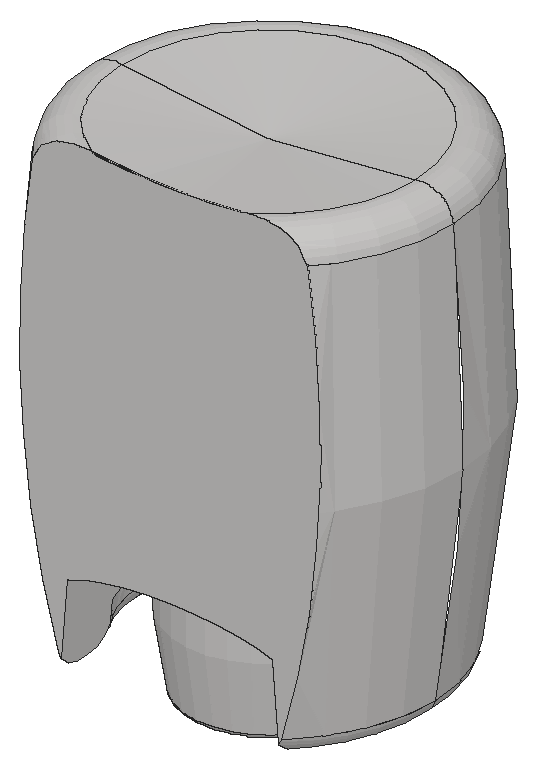
Revit family
Parameters (values of type "As Specified")
  Warranty Duration (Years) = 5
  Voltage_MEP = 120 V
  Unit Width = 0' - 0"
  Unit Height = 0' - 0"
  Unit Depth = 0' - 0"
  URL = "http://www.worlddryer.com/"
  Specification = "http://www.arcat.com/sdspecs/htm/10811wdr.htm"
  Send Message = "http://www.arcat.com/users.pl?action=UserEmail&company=World%20Dryer%20Corp.&coid=36616&rep=111&fax=708-449-6958&mf="
  Sales Information = "http://www.worlddryer.com/find-a-distributor"
  Reqd Wire Gauge = 14
  Manufacturer Phone - Toll Free = "800-323-0701 "
  MEP Apparent Power [instance] = Voltage_MEP * MEP Amperage  # 1500 VA
  MEP Amperage = 12.5 A
  Insrtloc = 0' - 0 1/8"
  Product Properties = "http://www.arcat.com/bim/bim_info.pl?fn=WorldDryer"
  Product Data = "http://www.arcat.com/arcatcos/cos36/arc36616.html"
  Opening Offset = 0' - 10"
  Mounting Height [instance] = 3' - 1"
  Motor = "Universal type, through-flow discharge vacuum type with automatic resetting thermostat; 1.07 HP, 23,400 RPM"
  Model = "As Specified in 10 28 00"
  Manufacturer Website = "http://www.worlddryer.com/"
  Manufacturer Phone = "708-449-6950 "
  Manufacturer Fax = "708-449-6958"
  Manufacturer Address = "5700 McDermott Dr., Berkeley, IL 60163-1102"
  Manufacturer = "World Dryer Corp."
  Maintenance Schedule (Months) = 0
  Keynote = "10 28 00"
  Installation-Fabrication = "http://www.worlddryer.com/all-hand-dryers"
  Installation Phase = "Interior Fittings"
  Heating Element = "Nichrome wire element mounted inside plenum housing with dual level safety protection"
  Hardware Finish = Polished Stainless Steel
  Green Building-LEED = "http://www.arcat.com/green/clients/leed_data_36616.html"
  Frequency = 60 Hz
  Expected Lifespan (Years) = 0
  Drawn By = "Robert S. Weygant, CSI, CDT, SCIP"
  Description = "Hand Dryer as Specified in 10 28 00"
  Cover Material = No. 4 Brushed Finish
  Copyright = "2010, ARCAT, Inc."
  Construction Details = "http://www.arcat.com/details/worlddry/worlddry.html?coid=36616"
  Assembly Code = "C1030210"
  Air Temperature = "41°F"
  Air Output = "100 CFM air flow at a velocity of 265 MPH (23,320 LFM)"
  Actuation = "Automatic"
  ADA Compliant [instance] = no
Reference planes (in)
  plane 1: y = 0
  plane 2 "Center (Left/Right)": x = 0.0468
  plane 3 "Wall Edge": y = 4
  plane 4: y = 14
  plane 5: z = 37
  plane 6 "Connection Plane": y = 3.875
  plane 7: z = 27
Forms (in)
  Extrusion 1, solid, material "Stainless Steel - 22 ga 18-8 Type 304", visible <- "ADA Compliant"
    sketch origin (0, 3.875, 0) x (-1, 0, 0) y (0, 0, 1)
      loop
        line (-0.9218, 40.875) -> (-0.9218, 37.125) -> (0.8282, 37.125) -> (0.8282, 40.875) -> (-0.9218, 40.875)
    from 0.26104 to 0.13106
Text (in)
  text "Interior" at (0, 40.15149, 123.01588), in view "A 203 - Side Elevation"
  text "Interior" at (-70.3804, 41.28885, 0), in view "A-101 Plan View"
  text "Interior" at (0, 81.62555, 140.59947), in view "Left"
  text "Exterior" at (-70.3804, -27.04218, 0), in view "A-101 Plan View"
  text "Exterior" at (0, -34.75086, 140.59947), in view "Left"
  text "Exterior" at (0, -52.24725, 123.01588), in view "A 203 - Side Elevation"
Dimensions and locks (in)
  host wall to plane 3 "Wall Edge" = 0' - 0"
  "Mounting Height": plane 5 to level
  "Insrtloc": plane 6 "Connection Plane" to plane 3 "Wall Edge"
  "Opening Offset": plane 7 to plane 5
  locked: Extrusion 1 to Extrusion 1 at 0.12998
  aligned and locked: plane 3 "Wall Edge" to host wall
  aligned and locked: nested 1 to plane 3 "Wall Edge"
  aligned and locked: nested 1 to plane 2 "Center (Left/Right)"
  aligned and locked: nested 1 to plane 5
Automatic sketch dimensions
  Extrusion 1 sketch curve to plane 5 = 0' - 0 1/8"
  plane 2 "Center (Left/Right)" to Extrusion 1 sketch curve = 0' - 0 7/8"
  Extrusion 1 sketch curve to plane 2 "Center (Left/Right)" = 0' - 0 7/8"
  Extrusion 1 sketch curve to Extrusion 1 sketch curve = 0' - 3 3/4"
Nested families (in)
  nested 1: "Smartdri Hand Dryer" at (0.0468, 4, 37) x (-1, 0, 0) z (0, 0, 1), type "Smartdri Hand Dryer"
Connectors (in)
  electrical at (0.0468, 4.00606, 39), driven by "Voltage_MEP", driven by "MEP Apparent Power"
    settings: on Extrusion 1, index 1
Definition of nested family "Smartdri Hand Dryer"
  Parameters (values of type "Smartdri Hand Dryer")
    Hardware Finish = Polished Stainless Steel
    Cover Material = No. 4 Brushed Finish
    Assembly Code = ""
  Reference planes (in)
    plane 1 "Center (Front/Back)": y = 0
    plane 2: z = 0
    plane 3 "Center (Left/Right)": x = 0
    plane 4: x = -4.65
    plane 5: x = 4.65
    plane 6: z = 12.5
    plane 7: y = -2.95
    plane 8: y = -7.6
    plane 9: z = 0
    plane 10: z = 0.75
  Forms (in)
    Revolve 1, solid, material "No. 4 Brushed Finish" <- "Cover Material"
      sketch origin (0, -2.95, 0) x (1, 0, 0) y (0, 0, 1)
        loop
          arc (-4.40944, 11.50021) -> (-4.62324, 6.306) -> (-3.97591, 1.14786) r 31.35642
          arc (-3.97591, 1.14786) -> (-3.45655, 0.75194) -> (-2.98857, 1.20745) r 0.5
          line (-2.98857, 1.20745) -> (-2.94416, 1.71503)
          spline (-2.94416, 1.71503) -> (-2.88118, 1.81166) -> (-2.77587, 1.9055) -> (-2.6298, 1.99516) -> (-2.44511, 2.07934) -> (-2.2245, 2.1568) -> (-1.97122, 2.2264) -> (-1.689, 2.28711) -> (-1.38196, 2.33805) -> (-1.05463, 2.37847) -> (-0.71181, 2.40777) -> (-0.35854, 2.42553) -> (0, 2.43147)
          line (0, 2.43147) -> (0, 11.78001)
          arc (0, 11.78001) -> (-1.76549, 11.87065) -> (-3.51241, 12.14162) r 17.2396
          arc (-3.51241, 12.14162) -> (-4.10144, 12.01744) -> (-4.40944, 11.50021) r 0.75
        axis (0, 1.14786) -> (0, 12.14162)
      angle from 0 to 360
    Extrusion 2, void
      sketch origin (0, 0, 0) x (1, 0, 0) y (0, 1, 0)
        loop
          line (-4.65, 0) -> (4.65, 0) -> (4.65, 3) -> (-4.65, 3) -> (-4.65, 0)
      from 0 to 14.00524
    Revolve 3, solid, material "Polished Stainless Steel" <- "Hardware Finish"
      sketch origin (0, -2.95, 0) x (1, 0, 0) y (0, 0, 1)
        loop
          line (0, 3.41722) -> (-2.18538, 3.41722)
          arc (-2.18538, 3.41722) -> (-2.17183, 1.74309) -> (-1.91952, 0.08804) r 11.70193
          arc (-1.91952, 0.08804) -> (-1.87983, 0.02471) -> (-1.80929, 0) r 0.11302
          line (-1.80929, 0) -> (0, 0) -> (0, 3.41722)
        axis (0, 3.41722) -> (0, 0)
      angle from 0 to 360
    Extrusion 4, void
      sketch origin (0, 0, 0) x (1, 0, 0) y (0, 0, 1)
        loop
          line (-2.44203, 2.77409) -> (-2.61912, 0.75) -> (2.61912, 0.75) -> (2.44203, 2.77409)
          spline (2.44203, 2.77409) -> (2.2987, 2.82638) -> (2.1404, 2.87535) -> (1.96818, 2.92066) -> (1.78315, 2.96204) -> (1.58652, 2.99921) -> (1.37956, 3.03193) -> (1.16363, 3.05998) -> (0.94012, 3.08318) -> (0.71049, 3.10139) -> (0.47625, 3.11448) -> (0.2389, 3.12236) -> (0, 3.125)
          spline (0, 3.125) -> (-0.2389, 3.12236) -> (-0.47625, 3.11448) -> (-0.71049, 3.10139) -> (-0.94012, 3.08318) -> (-1.16363, 3.05998) -> (-1.37956, 3.03193) -> (-1.58652, 2.99921) -> (-1.78315, 2.96204) -> (-1.96818, 2.92066) -> (-2.1404, 2.87535) -> (-2.2987, 2.82638) -> (-2.44203, 2.77409)
      from -1.51369 to 8.20424
  Cuts and joins
    Extrusion 2, Extrusion 4 cuts Revolve 1
  Dimensions and locks (in)
    plane 4 to plane 5 = 0' - 9.3"
    plane 6 to plane 2 = 1' - 0 1/2"
    aligned and locked: Extrusion 2 sketch curve to plane 4
    aligned and locked: plane 5 to Extrusion 2 sketch curve
    aligned and locked: Revolve 3 sketch curve to plane 3 "Center (Left/Right)"
    aligned and locked: Revolve 3 sketch curve to plane 2
